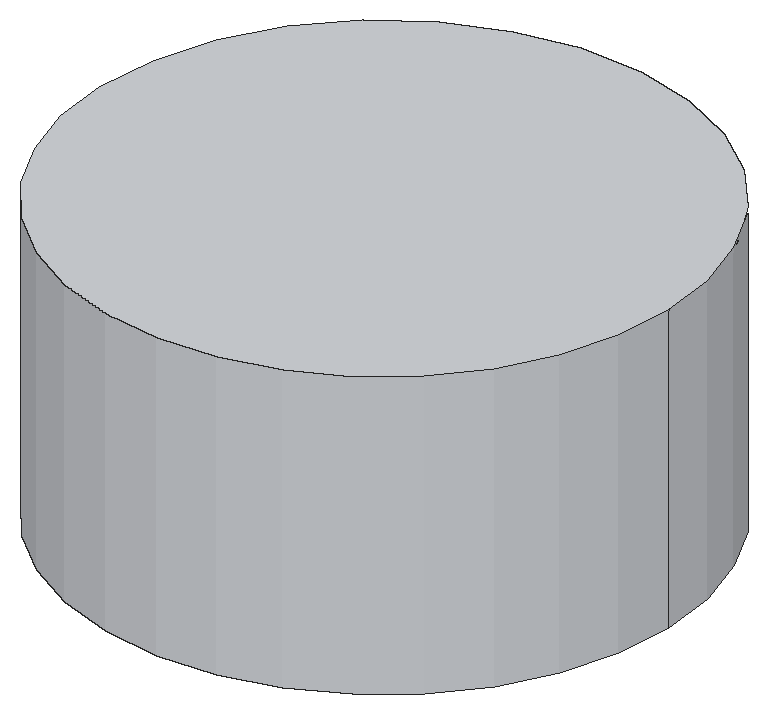
Revit family "09301200", category Specialty Equipment, Revit 2020
Family settings
  Round Connector Dimension = Use Diameter
  Part Type = Normal
  OmniClass Number = 23.40.40.14
  OmniClass Title = Food Service Equipment
  Work Plane-Based = No
  Always vertical = Yes
  Cut with Voids When Loaded = No
  Shared = No
  Room Calculation Point = No
Parameters (values of type "Standard")
  URL = "https://www.rustfriebergh.no/produkter/vannbad-varmeskap-varmeri/varmeskap-med-varm-topp-vsr-v/"
  Model = "09301200"
  Manufacturer = "RUSTFRIE BERGH AS"
  Description = "VSR 1200-V"
  Default Elevation = 0 mm
Reference planes
  plane 1 "Center (Front/Back)": y = 0
  plane 2: z = 0
  plane 3 "Center (Left/Right)": x = 0
Forms (mm)
  Extrusion 1, solid
    sketch origin (496.5, 118.5, 148.5) x (0, 1, 0) y (1, 0, 0)
      loop
        circle (0, 0) r 3.048
    from 0 to -3.048
Dimensions and locks
  aligned and locked: level to plane 2
Connectors
  electrical at (496.5, 118.5, 148.5)
    settings: on Extrusion 1, index 1, voltage 230 V, apparent load 1550 VA, apparent load phase1 0 VA, apparent load phase2 0 VA, apparent load phase3 0 VA, power factor 0, load classification "Other", number of poles 1, system type 30, power factor state 1, is connector primary yes, connector utility no, sub classification motor no, connector description "230V 50/60HZ 6,74A"
